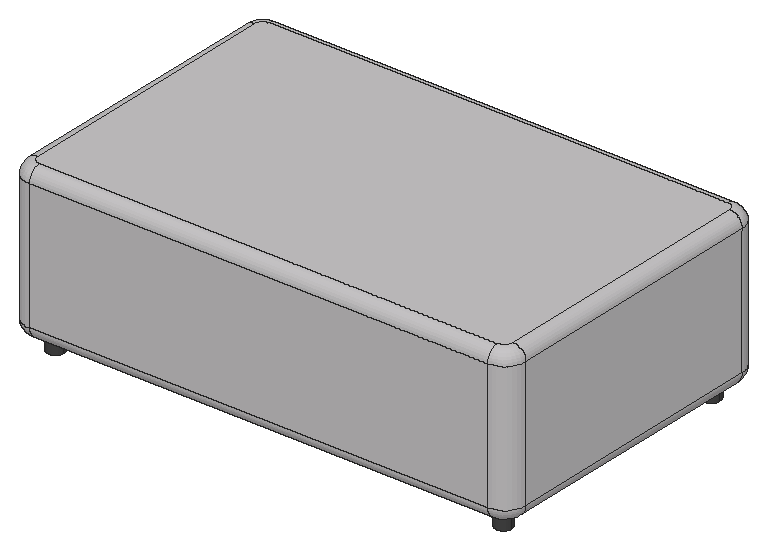
Revit family "FU_Chair_Sandler_ENTROPY_ENT0020TA", category Furniture, Revit 2020
Family settings
  OmniClass Number = 23.21.23.15.17
  Work Plane-Based = Yes
  Always vertical = No
  Cut with Voids When Loaded = No
  Shared = No
  Room Calculation Point = No
Parameters (values of type "ENTROPY ENT0020TA")
  Youtube clip = ""
  Width = 1200.000 mm  # constant formula
  Uniformat II Description = "Movable Furnishings"
  Uniformat II Code = ""
  Uniclass 2015 Name = ""
  Uniclass 2015 Code = ""
  Uniclass 2.0 Description = ""
  Uniclass 2.0 Code = ""
  Uniclass 1.4 Description = ""
  Uniclass 1.4 Code = ""
  UNSPSC Code = ""
  Technical description = ""
  Seat Material = Leather - Gaja - 60005
  Frame Material = Steel - Frame - Black
  Region South America = "All"
  Region Oceania = "All"
  Region North America = "All"
  Region Middle East = "All"
  Region Europe = "All"
  Region Asia = "All"
  Region Antarctica = "All"
  Region Africa = "All"
  QR code = ""
  Product url = "https://www.sandlerseating.com/product/ent0020ta/"
  Product name = ""
  Product group = "Chair"
  Product family = "Furniture"
  Product data url = "https://www.sandlerseating.com/product/ent0020ta/"
  Product certification = ""
  Product SKU = ""
  Product Guid = ""
  OmniClass Description = ""
  OmniClass Code = "23-21 23 15 17"
  NBS Reference Description = ""
  NBS Reference Code = ""
  Model = "ENTROPY ENT0020TA"
  Masterformat 2014 Description = "Chair Mats"
  Masterformat 2014 Code = "12 48 43.13"
  Manufacturer name = "Sandler"
  Manufacturer country = "UK"
  Manufacturer = "Sandler"
  Installation instructions = ""
  IFC Classification = "Furnishing Element"
  GTIN code = ""
  Edition number = 1
  Design country = "UK"
  Description = "Chair"
  Depth = 750.000 mm  # constant formula
  Default Elevation = 0.000 mm
  Date of publishing = ""
  COBIe Type Category = ""
  Brand url = "https://www.sandlerseating.com/"
  BIMobject main category code = "furniture"
  BIMobject main category = "Furniture"
  BIMobject category code = "furniture-chair"
  BIMobject category = "Chair"
Reference planes
  plane 1 "Center Front/Back": y = 0
  plane 2: z = 0
  plane 3 "Center Left/Right": x = 0
  plane 4: y = 375
  plane 5: y = -375
  plane 6: x = -600
  plane 7: x = 600
  plane 8: z = 410
  plane 9: z = 40
  plane 10: x = -562.5
  plane 11: x = 562.5
  plane 12: y = -337.5
  plane 13: y = 337.5
Forms (mm)
  Extrusion 1, solid, material "Leather - Gaja - 60005" <- "Seat Material"
    sketch origin (0, 0, 0) x (1, 0, 0) y (0, 1, 0)
      loop
        arc (-550, 375) -> (-585.355, 360.355) -> (-600, 325) r 50
        line (-600, 325) -> (-600, -325)
        arc (-600, -325) -> (-585.355, -360.355) -> (-550, -375) r 50
        line (-550, -375) -> (550, -375)
        arc (550, -375) -> (585.355, -360.355) -> (600, -325) r 50
        line (600, -325) -> (600, 325)
        arc (600, 325) -> (585.355, 360.355) -> (550, 375) r 50
        line (550, 375) -> (-550, 375)
    from 40 to 410
  Sweep 2, void
    path in 3D
      loop
        arc (550, -375, 410) -> (585.355, -360.355, 410) -> (600, -325, 410) r 50
        line (600, -325, 410) -> (600, 325, 410)
        arc (600, 325, 410) -> (585.355, 360.355, 410) -> (550, 375, 410) r 50
        line (550, 375, 410) -> (-550, 375, 410)
        arc (-550, 375, 410) -> (-585.355, 360.355, 410) -> (-600, 325, 410) r 50
        line (-600, 325, 410) -> (-600, -325, 410)
        arc (-600, -325, 410) -> (-585.355, -360.355, 410) -> (-550, -375, 410) r 50
        line (-550, -375, 410) -> (550, -375, 410)
    profile origin (0, -375, 410) x (0, 1, 0) y (0, 0, 1)
      loop
        line (0, 0) -> (0, -30)
        arc (0, -30) -> (8.787, -8.787) -> (30, 0) r 30
        line (30, 0) -> (0, 0)
      loop
        line (0, -370) -> (30, -370)
        arc (30, -370) -> (8.787, -361.213) -> (0, -340) r 30
        line (0, -340) -> (0, -370)
  Extrusion 3, solid, material "Steel - Frame - Black" <- "Frame Material"
    sketch origin (0, 0, 0) x (1, 0, 0) y (0, 1, 0)
      loop
        circle (537.5, -312.5) r 20
      loop
        circle (537.5, 312.5) r 20
      loop
        circle (-537.5, 312.5) r 20
      loop
        circle (-537.5, -312.5) r 20
    from 0 to 40
Cuts and joins
  Sweep 2 cuts Extrusion 1
Lines and regions (mm)
  sketch lines
    curve 1: line (-550, -375, 410) -> (550, -375, 410)
    curve 2: arc (600, -325, 410) -> (585.355, -360.355, 410) -> (550, -375, 410) r 50
    curve 3: line (600, -325, 410) -> (600, 325, 410)
    curve 4: arc (550, 375, 410) -> (585.355, 360.355, 410) -> (600, 325, 410) r 50
    curve 5: line (550, 375, 410) -> (-550, 375, 410)
    curve 6: arc (-600, 325, 410) -> (-585.355, 360.355, 410) -> (-550, 375, 410) r 50
    curve 7: line (-600, 325, 410) -> (-600, -325, 410)
    curve 8: arc (-550, -375, 410) -> (-585.355, -360.355, 410) -> (-600, -325, 410) r 50
Dimensions and locks
  equal spacing: plane 4, plane 1 "Center Front/Back", plane 5
  "Depth": plane 4 to plane 5
  equal spacing: plane 6, plane 3 "Center Left/Right", plane 7
  "Width": plane 6 to plane 7
  locked: plane 11 to plane 7 at 37.5
  locked: plane 6 to plane 10 at 37.5
  locked: plane 4 to plane 13 at 37.5
  locked: plane 12 to plane 5 at 37.5
  plane 8 to level = 410.000 mm
  aligned and locked: level to plane 2
  aligned and locked: Extrusion 1 sketch curve to plane 4
  aligned and locked: plane 5 to Extrusion 1 sketch curve
  aligned and locked: Extrusion 1 sketch curve to plane 7
Automatic sketch dimensions
  Extrusion 1 sketch curve to plane 4 = 50.000 mm
  plane 10 to Extrusion 1 sketch curve = 12.500 mm  (x2)
  Extrusion 1 sketch curve to plane 11 = 12.500 mm  (x2)
  Extrusion 1 sketch curve to plane 6 = 0.000 mm
  Sweep 2 sketch curve to profile plane = 0.000 mm  (x3)
  Sweep 2 sketch curve to profile plane = 30.000 mm
  Sweep 2 sketch curve to Sweep 2 sketch curve = 30.000 mm
  Sweep 2 sketch curve to Sweep 2 sketch curve = 310.000 mm
  plane 10 to Extrusion 3 sketch curve = 25.000 mm  (x2)
  Extrusion 3 sketch curve to plane 11 = 25.000 mm  (x2)
  plane 12 to Extrusion 3 sketch curve = 25.000 mm  (x2)
  Extrusion 3 sketch curve to plane 13 = 25.000 mm  (x2)
  radius of Extrusion 3 sketch curve = 20.000 mm  (x4)
